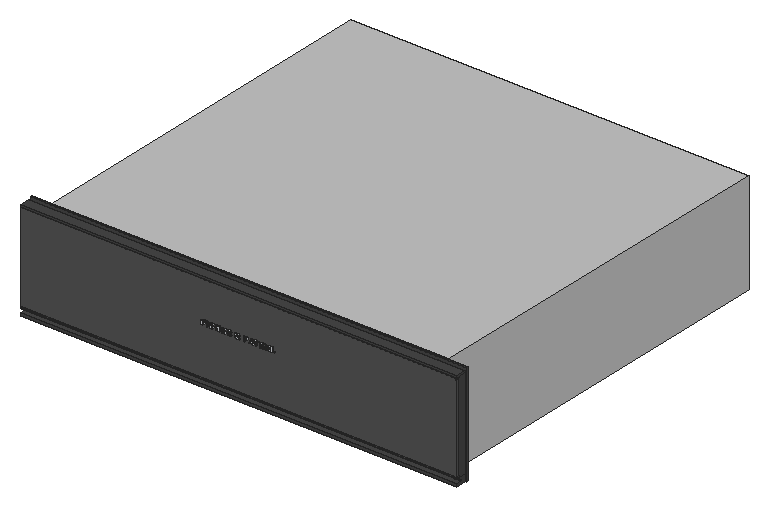
Revit family "FP_Revit_18_WB60SDEB2_Warming_Drawer_9000xxxxA", category Specialty Equipment, Revit 2018
Family settings
  Round Connector Dimension = Use Diameter
  Part Type = Normal
  OmniClass Number = 23.40.40.00
  OmniClass Title = Food Service Equipment and Furnishings
  Work Plane-Based = No
  Always vertical = Yes
  Cut with Voids When Loaded = Yes
  Shared = No
  Room Calculation Point = No
Parameters (values of type "WB60SDEB2")
  Visibility - Clearance Required = yes
  URL = "www.fisherpaykel.com"
  Product - Width = 596 mm  # constant formula
  Product - Height = 140 mm  # constant formula
  Product - Depth = 567 mm  # constant formula
  Model = "WB60SDEB2"
  Material - Trim = Fisher & Paykel - Black
  Material - Structure = Fisher & Paykel - Black
  Material - Glass = Fisher & Paykel - Glass, Black
  Material - Body = Fisher & Paykel - Grey
  Manufacturer = "Fisher & Paykel Appliances"
  FFL Offset [instance] = 740 mm
  Description = "60cm Warming Drawer"
  Connector Description - Electrical = "220-240 V, 50/60 Hz, 10 A"
  Chassis - Width = 543 mm  # constant formula
  Chassis - Height = 140 mm  # constant formula
  Chassis - Depth = 547 mm  # constant formula
  Cavity - Width = 560 mm  # constant formula
  Cavity - Height = 142 mm  # constant formula
  Cavity - Depth = 550 mm  # constant formula
Reference planes
  plane 1 "Center (Front/Back)": y = 0
  plane 2: z = 0
  plane 3 "Center (Left/Right)": x = 0
  plane 4: z = 882
  plane 5: z = 880
  plane 6 "Product LHS": x = -298
  plane 7 "Product RHS": x = 298
  plane 8 "Product - Depth": y = 536
  plane 9 "Cavity LHS": x = -300
  plane 10 "Cavity RHS": x = 300
  plane 11 "Cavity - Depth": y = 550
  plane 12 "Front Face": y = -20
  plane 13 "FFL Offset": z = 740
Forms (mm)
  Extrusion 1, solid, material "Fisher & Paykel - Grey" <- "Material - Body"
    sketch origin (0, 0, 0) x (0, 1, 0) y (0, 0, 1)
      loop
        line (0, 880) -> (0, 740) -> (512, 740) -> (512, 880) -> (0, 880)
    from -271.5 to 271.5
  Extrusion 2, solid, material "Fisher & Paykel - Black" <- "Material - Structure", detail levels fine
    sketch origin (0, 0, 0) x (0, 1, 0) y (0, 0, 1)
      loop
        line (-6, 875) -> (-16, 875) -> (-16, 751.6) -> (-6, 751.6) -> (-6, 875)
    from -298 to 298
  Extrusion 3, solid, material "Fisher & Paykel - Black" <- "Material - Structure", detail levels fine
    sketch origin (0, 0, 0) x (0, 1, 0) y (0, 0, 1)
      loop
        line (-2, 880) -> (-2, 740) -> (0, 740) -> (0, 880) -> (-2, 880)
    from -298 to 298
  Extrusion 4, solid, material "Fisher & Paykel - Black" <- "Material - Trim", detail levels fine
    sketch origin (0, 0, 0) x (0, 1, 0) y (0, 0, 1)
      loop
        line (-11, 748.6) -> (-11, 745) -> (-20, 745) -> (-20, 742) -> (-6, 742) -> (-6, 751.6) -> (-18.226, 751.6) -> (-14.6, 748.6) -> (-11, 748.6)
    from -298 to 298
  Extrusion 5, solid, material "Fisher & Paykel - Grey" <- "Material - Body", detail levels fine
    sketch origin (0, 0, 0) x (0, 1, 0) y (0, 0, 1)
      loop
        line (-6, 875) -> (-6, 745) -> (-2, 745) -> (-2, 875) -> (-6, 875)
    from -258.5 to 258.5
  Extrusion 6, solid, material "Fisher & Paykel - Grey" <- "Material - Body"
    sketch origin (0, 0, 0) x (1, 0, 0) y (0, 0, 1)
      loop
        line (202, 849) -> (177, 849) -> (177, 830) -> (202, 830) -> (202, 849)
    from -547 to -512
  Extrusion 7, solid, material "Fisher & Paykel - Grey" <- "Material - Body"
    sketch origin (0, 0, 0) x (0, 1, 0) y (0, 0, 1)
      loop
        circle (537, 839.5) r 8
    from 137 to 177
  Extrusion 8, solid, material "Fisher & Paykel - Glass, Black" <- "Material - Glass", detail levels fine
    sketch origin (0, 0, 0) x (1, 0, 0) y (0, 0, 1)
      loop
        arc (-296, 875) -> (-297.414, 874.414) -> (-298, 873) r 2
        line (-298, 873) -> (-298, 753.6)
        arc (-298, 753.6) -> (-297.414, 752.186) -> (-296, 751.6) r 2
        line (-296, 751.6) -> (295.982, 751.6)
        arc (295.982, 751.6) -> (297.409, 752.191) -> (298, 753.618) r 2.018
        line (298, 753.618) -> (298, 873)
        arc (298, 873) -> (297.414, 874.414) -> (296, 875) r 2
        line (296, 875) -> (-296, 875)
    from 16 to 20
  Extrusion 9, solid, material "Fisher & Paykel - Clearance Required", visible <- "Visibility - Clearance Required", detail levels coarse
    sketch origin (0, 0, 0) x (1, 0, 0) y (0, 1, 0)
      loop
        line (-280, 0) -> (280, 0) -> (280, 550) -> (-280, 550) -> (-280, 0)
    from 740 to 882
  Extrusion 10, solid, material "Fisher & Paykel - Clearance Required", visible <- "Visibility - Clearance Required", detail levels coarse
    sketch origin (0, 0, 0) x (0, 1, 0) y (0, 0, 1)
      loop
        line (0, 882) -> (-434, 882) -> (-434, 740) -> (0, 740) -> (0, 882)
    from -300 to 300
  Extrusion 11, solid, material "Fisher & Paykel - Glass, Black" <- "Material - Glass", detail levels coarse+medium
    sketch origin (0, 0, 0) x (0, 1, 0) y (0, 0, 1)
      loop
        line (-20, 878) -> (-20, 740) -> (0, 740) -> (0, 878) -> (-20, 878)
    from -298 to 298
  Extrusion 12, solid, material "Fisher & Paykel - Black" <- "Material - Trim", detail levels fine
    sketch origin (0, 0, 0) x (0, 1, 0) y (0, 0, 1)
      loop
        line (-6, 878) -> (-20, 878) -> (-20, 875) -> (-6, 875) -> (-6, 878)
    from -298 to 298
  Extrusion 13, void
    sketch origin (0, 0, 0) x (1, 0, 0) y (0, 1, 0)
      loop
        line (-280, 0) -> (280, 0) -> (280, 550) -> (-280, 550) -> (-280, 0)
    from 740 to 882
  Extrusion 14, void
    sketch origin (0, 0, 0) x (0, 1, 0) y (0, 0, 1)
      loop
        line (0, 882) -> (-20, 882) -> (-20, 740) -> (0, 740) -> (0, 882)
    from -300 to 300
Text (mm)
  text "Due to ongoing product development, product details are subject to change without notice. \nPlease always refer to www.fisherpaykel.com for the most current product information. \n© Fisher & Paykel 2020" at (41.04, -543.295, 0), in view "Ref. Level (Plan)"
Dimensions and locks
  equal spacing: plane 6 "Product LHS", plane 3 "Center (Left/Right)", plane 7 "Product RHS"
  "Product - Width": plane 6 "Product LHS" to plane 7 "Product RHS"
  equal spacing: plane 9 "Cavity LHS", plane 3 "Center (Left/Right)", plane 10 "Cavity RHS"
  "Cavity - Depth": plane 11 "Cavity - Depth" to plane 1 "Center (Front/Back)"
  locked: plane 12 "Front Face" to plane 1 "Center (Front/Back)" at 20
  equal spacing: Extrusion 1, plane 3 "Center (Left/Right)", Extrusion 1
  "Chassis - Width": Extrusion 1 to Extrusion 1
  equal spacing: Extrusion 9, plane 3 "Center (Left/Right)", Extrusion 9
  "Cavity - Width": Extrusion 9 to Extrusion 9
  "FFL Offset": plane 13 "FFL Offset" to level
  "Cavity - Height": plane 4 to plane 13 "FFL Offset"
  "Product - Height": plane 5 to plane 13 "FFL Offset"
  "Chassis - Height": Extrusion 1 to plane 13 "FFL Offset"
  "Product - Depth": Extrusion 6 to plane 12 "Front Face"
  "Chassis - Depth": Extrusion 6 to plane 1 "Center (Front/Back)"
  locked: Extrusion 2 sketch curve to plane 13 "FFL Offset" at 11.6
  locked: nested 1 to plane 13 "FFL Offset" at 78.891
  locked: Extrusion 10 to plane 12 "Front Face" at 414
  locked: Extrusion 10 to Extrusion 10 at 600
  aligned and locked: level to plane 2
  aligned and locked: Extrusion 8 to plane 12 "Front Face"
  aligned and locked: Extrusion 5 to Extrusion 2
  aligned and locked: plane 4 to Extrusion 9
  aligned and locked: plane 13 "FFL Offset" to Extrusion 3 sketch curve
  aligned and locked: Extrusion 8 to Extrusion 4
  aligned and locked: Extrusion 4 to plane 12 "Front Face"
  aligned and locked: Extrusion 2 to Extrusion 8
  aligned and locked: Extrusion 12 to plane 12 "Front Face"
  aligned and locked: Extrusion 1 to plane 13 "FFL Offset"
  aligned and locked: plane 5 to Extrusion 1
  aligned and locked: Extrusion 12 to plane 7 "Product RHS"
  aligned and locked: plane 6 "Product LHS" to Extrusion 12
  aligned and locked: Extrusion 11 to plane 13 "FFL Offset"
  aligned and locked: Extrusion 10 to plane 13 "FFL Offset"
  aligned and locked: Extrusion 9 to plane 13 "FFL Offset"
  aligned and locked: plane 4 to Extrusion 13
  aligned and locked: Extrusion 13 to plane 13 "FFL Offset"
  aligned and locked: Extrusion 13 to Extrusion 9  (x2)
Automatic sketch dimensions
  Extrusion 1 sketch curve to plane 1 "Center (Front/Back)" = 0 mm
  Extrusion 1 sketch curve to plane 13 "FFL Offset" = 0 mm
  Extrusion 1 sketch curve to plane 5 = 0 mm
  Extrusion 1 sketch curve to plane 8 "Product - Depth" = 24 mm
  plane 12 "Front Face" to Extrusion 2 sketch curve = 4 mm
  plane 1 "Center (Front/Back)" to Extrusion 2 sketch curve = 6 mm
  Extrusion 2 sketch curve to plane 5 = 5 mm
  Extrusion 3 sketch curve to plane 5 = 0 mm
  Extrusion 3 sketch curve to plane 1 "Center (Front/Back)" = 0 mm
  plane 1 "Center (Front/Back)" to Extrusion 3 sketch curve = 2 mm
  Extrusion 4 sketch curve to plane 12 "Front Face" = 0 mm
  plane 12 "Front Face" to Extrusion 4 sketch curve = 1.774 mm
  Extrusion 4 sketch curve to Extrusion 4 sketch curve = 3.626 mm
  Extrusion 4 sketch curve to Extrusion 4 sketch curve = 3.6 mm  (x2)
  Extrusion 4 sketch curve to Extrusion 4 sketch curve = 5 mm
  plane 13 "FFL Offset" to Extrusion 4 sketch curve = 2 mm
  Extrusion 4 sketch curve to Extrusion 4 sketch curve = 3 mm  (x2)
  plane 1 "Center (Front/Back)" to Extrusion 5 sketch curve = 6 mm
  plane 1 "Center (Front/Back)" to Extrusion 5 sketch curve = 2 mm
  plane 13 "FFL Offset" to Extrusion 5 sketch curve = 5 mm
  Extrusion 5 sketch curve to plane 5 = 5 mm
  Extrusion 6 sketch curve to plane 5 = 31 mm
  plane 7 "Product RHS" to Extrusion 6 sketch curve = 121 mm
  Extrusion 6 sketch curve to Extrusion 6 sketch curve = 25 mm
  Extrusion 6 sketch curve to Extrusion 6 sketch curve = 19 mm
  plane 8 "Product - Depth" to Extrusion 7 sketch curve = 1 mm
  Extrusion 7 sketch curve to plane 5 = 40.5 mm
  plane 6 "Product LHS" to Extrusion 8 sketch curve = 0 mm
  plane 7 "Product RHS" to Extrusion 8 sketch curve = 0 mm
  Extrusion 8 sketch curve to plane 6 "Product LHS" = 2 mm  (x2)
  plane 7 "Product RHS" to Extrusion 8 sketch curve = 2.018 mm
  Extrusion 8 sketch curve to Extrusion 8 sketch curve = 2 mm
  plane 13 "FFL Offset" to Extrusion 8 sketch curve = 11.6 mm
  Extrusion 8 sketch curve to plane 5 = 7 mm
  Extrusion 9 sketch curve to plane 11 "Cavity - Depth" = 0 mm
  plane 1 "Center (Front/Back)" to Extrusion 9 sketch curve = 0 mm
  Extrusion 9 sketch curve to plane 6 "Product LHS" = 18 mm
  plane 7 "Product RHS" to Extrusion 9 sketch curve = 18 mm
  Extrusion 10 sketch curve to plane 4 = 0 mm
  Extrusion 10 sketch curve to plane 13 "FFL Offset" = 0 mm
  Extrusion 10 sketch curve to plane 1 "Center (Front/Back)" = 0 mm
  Extrusion 10 sketch curve to plane 12 "Front Face" = 414 mm
  Extrusion 11 sketch curve to plane 12 "Front Face" = 0 mm
  Extrusion 11 sketch curve to plane 1 "Center (Front/Back)" = 0 mm
  Extrusion 11 sketch curve to plane 13 "FFL Offset" = 0 mm
  Extrusion 11 sketch curve to plane 5 = 2 mm
  Extrusion 12 sketch curve to plane 12 "Front Face" = 0 mm
  plane 1 "Center (Front/Back)" to Extrusion 12 sketch curve = 6 mm
  Extrusion 12 sketch curve to plane 5 = 5 mm
  Extrusion 12 sketch curve to plane 5 = 2 mm
  Extrusion 13 sketch curve to plane 11 "Cavity - Depth" = 0 mm
  plane 1 "Center (Front/Back)" to Extrusion 13 sketch curve = 0 mm
  Extrusion 13 sketch curve to plane 6 "Product LHS" = 18 mm
  plane 7 "Product RHS" to Extrusion 13 sketch curve = 18 mm
  Extrusion 14 sketch curve to plane 4 = 0 mm
  Extrusion 14 sketch curve to plane 13 "FFL Offset" = 0 mm
  Extrusion 14 sketch curve to plane 1 "Center (Front/Back)" = 0 mm
  Extrusion 14 sketch curve to plane 12 "Front Face" = 0 mm
  radius of Extrusion 7 sketch curve = 8 mm
Nested families
  nested 1: "F&P Logo 100mm" at (0.045, -20, 819), type "Grey"
Connectors
  electrical at (137, 537, 839.5), driven by "Connector Description - Electrical"
    settings: on Extrusion 7, index 1, voltage 230 V, apparent load 0 VA, apparent load phase1 0 VA, apparent load phase2 0 VA, apparent load phase3 0 VA, power factor 1, load classification "Other", number of poles 1, system type 30, power factor state 1, is connector primary yes, connector utility no, sub classification motor no, connector description "220-240 V, 50/60 Hz, 10 A"
Definition of nested family "F&P Logo 100mm"
  Parameters (values of type "Grey")
    URL = "www.fisherpaykel.com"
    Material - Logo = none
    Manufacturer = "Fisher & Paykel Appliances"
  Types (2): name
    Chrome
    Grey
  Reference planes
    plane 1 "Center (Front/Back)": y = 0
    plane 2: z = 0
    plane 3 "Center (Left/Right)": x = 0
  Forms (mm)
    Extrusion 1, solid, material <- "Material - Logo", detail levels fine
      sketch origin (0, 0, 0) x (1, 0, 0) y (0, 0, 1)
        loop
          line (-50.044, 0) -> (-48.47, 0) -> (-48.47, 2.138) -> (-46.011, 2.138) -> (-46.011, 3.472) -> (-48.47, 3.472) -> (-48.47, 4.712) -> (-45.795, 4.712) -> (-45.795, 6.04) -> (-50.044, 6.04) -> (-50.044, 0)
        loop
          line (-42.804, 6.04) -> (-42.804, 0) -> (-41.23, 0) -> (-41.23, 6.04) -> (-42.804, 6.04)
        loop
          line (-30.724, 6.04) -> (-30.724, 0) -> (-29.151, 0) -> (-29.151, 2.42) -> (-26.839, 2.42) -> (-26.839, 0) -> (-25.265, 0) -> (-25.265, 6.04) -> (-26.839, 6.04) -> (-26.839, 3.748) -> (-29.151, 3.748) -> (-29.151, 6.04) -> (-30.724, 6.04)
        loop
          line (-21.906, 6.04) -> (-21.906, 0) -> (-17.602, 0) -> (-17.602, 1.328) -> (-20.347, 1.328) -> (-20.347, 2.42) -> (-17.838, 2.42) -> (-17.838, 3.748) -> (-20.347, 3.748) -> (-20.347, 4.712) -> (-17.602, 4.712) -> (-17.602, 6.04) -> (-21.906, 6.04)
        loop
          line (45.667, 6.04) -> (45.667, 0) -> (49.956, 0) -> (49.956, 1.328) -> (47.241, 1.328) -> (47.241, 6.04) -> (45.667, 6.04)
        loop
          line (42.431, 6.04) -> (38.112, 6.04) -> (38.112, 0) -> (42.431, 0) -> (42.431, 1.328) -> (39.687, 1.328) -> (39.687, 2.42) -> (42.195, 2.42) -> (42.195, 3.748) -> (39.687, 3.748) -> (39.687, 4.712) -> (42.431, 4.712) -> (42.431, 6.04)
        loop
          line (33.451, 3.148) -> (35.683, 6.04) -> (33.844, 6.04) -> (31.915, 3.542) -> (31.915, 6.04) -> (30.342, 6.04) -> (30.342, 0) -> (31.915, 0) -> (31.915, 2.705) -> (33.903, 0) -> (35.763, 0) -> (33.451, 3.148)
        loop
          line (21.98, 6.04) -> (24.262, 2.42) -> (24.262, 0) -> (25.837, 0) -> (25.837, 2.341) -> (28.119, 6.04) -> (26.446, 6.04) -> (25.099, 3.707) -> (23.753, 6.04) -> (21.98, 6.04)
        loop
          line (18.479, 6.04) -> (16.983, 6.04) -> (14.524, 0) -> (16.069, 0) -> (16.501, 1.112) -> (18.921, 1.112) -> (19.354, 0) -> (20.938, 0) -> (18.479, 6.04)
        loop
          line (18.4, 2.439) -> (17.693, 4.174) -> (17.018, 2.439) -> (18.4, 2.439)
        loop
          line (8.031, 6.04) -> (8.031, 0) -> (9.605, 0) -> (9.605, 1.938) -> (10.599, 1.938)
          arc (10.599, 1.938) -> (12.65, 3.989) -> (10.599, 6.04) r 2.051
          line (10.599, 6.04) -> (8.031, 6.04)
        loop
          line (9.605, 4.712) -> (9.605, 3.197) -> (10.501, 3.197)
          arc (10.501, 3.197) -> (11.259, 3.954) -> (10.501, 4.712) r 0.757
          line (10.501, 4.712) -> (9.605, 4.712)
        loop
          line (-11.783, 6.04) -> (-14.366, 6.04) -> (-14.366, 0) -> (-12.792, 0) -> (-12.792, 1.336) -> (-11.992, 1.336) -> (-10.972, 0) -> (-9.153, 0) -> (-10.694, 1.973)
          arc (-10.694, 1.973) -> (-9.678, 4.424) -> (-11.783, 6.04) r 2.179
        loop
          line (-11.897, 4.712) -> (-12.792, 4.712) -> (-12.792, 3.053) -> (-11.897, 3.053)
          arc (-11.897, 3.053) -> (-11.068, 3.882) -> (-11.897, 4.712) r 0.83
        loop
          line (0.477, 4.712) -> (0.477, 6.153) -> (-3.575, 6.153) -> (-3.575, 4.851) -> (-2.974, 4.112)
          arc (-2.974, 4.112) -> (-3.51, 0.684) -> (-0.045, 0.512) r 2.334
          line (-0.045, 0.512) -> (0.46, -0.109) -> (2.246, -0.109) -> (0.86, 1.594) -> (2.061, 3.324) -> (0.443, 3.324) -> (-0.013, 2.667) -> (-1.677, 4.712) -> (0.477, 4.712)
        loop
          arc (-2.125, 3.068) -> (-2.269, 1.668) -> (-0.868, 1.524) r 0.996
          line (-0.868, 1.524) -> (-2.125, 3.068)
        loop
          line (-35.18, 3.634) -> (-36.516, 3.91)
          arc (-36.516, 3.91) -> (-37.049, 4.443) -> (-36.516, 4.976) r 0.533
          arc (-36.516, 4.976) -> (-35.235, 4.79) -> (-34.059, 4.248) r 4.505
          line (-34.059, 4.248) -> (-34.059, 5.743)
          arc (-34.059, 5.743) -> (-35.549, 6.179) -> (-37.1, 6.109) r 4.726
          arc (-37.1, 6.109) -> (-38.536, 4.335) -> (-37.1, 2.561) r 1.814
          line (-37.1, 2.561) -> (-35.754, 2.282)
          arc (-35.754, 2.282) -> (-35.221, 1.749) -> (-35.754, 1.216) r 0.533
          arc (-35.754, 1.216) -> (-37.035, 1.402) -> (-38.211, 1.945) r 4.505
          line (-38.211, 1.945) -> (-38.211, 0.449)
          arc (-38.211, 0.449) -> (-36.72, 0.013) -> (-35.169, 0.083) r 4.726
          arc (-35.169, 0.083) -> (-33.734, 1.863) -> (-35.18, 3.634) r 1.814
      from 0 to 0.8
  Dimensions and locks
    aligned and locked: level to plane 2
